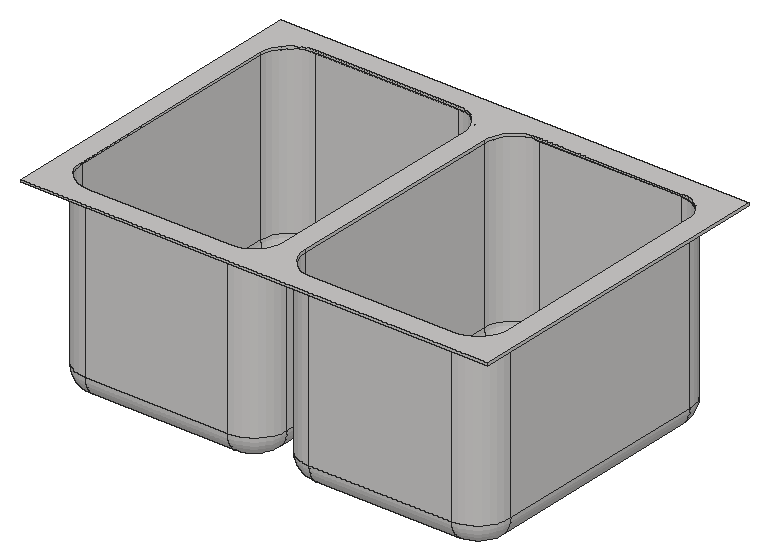
Revit family "QF_Vollrath_10102-1", category Specialty Equipment, Revit 2016
Family settings
  Part Type = Normal
  Round Connector Dimension = Use Diameter
  OmniClass Number = 23.40.40.14.31
  OmniClass Title = Cleaning and Disposal Equipment
  Work Plane-Based = Yes
  Always vertical = Yes
  Cut with Voids When Loaded = No
  Shared = No
  Room Calculation Point = No
Parameters
  Width = 1' - 11"
  Weight in Pounds = 0
  Watermarked By = "http://revitwatermark.com"
  URL Cutsheet = ""
  Status [instance] = ""
  Specification by User [instance] = ""
  Specification by Manufacturer [instance] = ""
  Sink Width = 1' - 9"
  Sink Depth = 1' - 2"
  Sink Basin Depth = 0' - 9 1/4"
  Serial Number [instance] = ""
  Seismic Rating [instance] = ""
  SMACNA No [instance] = ""
  Revision Code [instance] = ""
  NAFEM Spec ID Number [instance] = ""
  Model = "10102-1"
  Masterspec [instance] = ""
  Manufacturer = "Vollrath"
  Item Number [instance] = "-"
  Installed By [instance] = ""
  Indirect Waste Size = 2"
  Indirect Waste Flow [instance] = 0.00 GPM
  Indirect Waste Connection Type [instance] = ""
  Indirect Waste Connection Height [instance] = 0' - 0"
  Furnished By [instance] = ""
  Foodservice Equipment Identifier [instance] = yes
  Description = "Undermount Sink"  # constant formula
  Depth = 1' - 4"
  Default Elevation = 4' - 0"
  CSI MasterFormat = ""
  Assembly Code = ""
Reference planes (in)
  plane 1 "BACK": y = 0
  plane 2 "BOTTOM": z = 0
  plane 3 "LEFT": x = 0
  plane 4 "RIGHT": x = 23
  plane 5 "FRONT": y = -16
  plane 6: x = 11.5
  plane 7: y = -8
  plane 8: y = -1
  plane 9: y = -15
  plane 10: x = 1
  plane 11: x = 22
  plane 12 "TOP": z = 8
  plane 13 "Sink Bottom": z = -9.25
  plane 14 "Bottom of Skirt": z = -1.5625
  plane 15 "LIP1": z = -0.125
  plane 16: x = 11
  plane 17: x = 12
  plane 18: x = 6
  plane 19: x = 17
  plane 20: y = -5.6875
Forms (in)
  Extrusion 1, solid, material "QF_Finishes_Stainless Steel"
    sketch origin (0, 0, 0) x (1, 0, 0) y (0, 1, 0)
      loop
        line (0, -16) -> (23, -16) -> (23, 0) -> (0, 0) -> (0, -16)
      loop
        arc (2.5, -1) -> (1.43934, -1.43934) -> (1, -2.5) r 1.5
        line (1, -2.5) -> (1, -13.5)
        arc (1, -13.5) -> (1.43934, -14.56066) -> (2.5, -15) r 1.5
        line (2.5, -15) -> (9.5, -15)
        arc (9.5, -15) -> (10.56066, -14.56066) -> (11, -13.5) r 1.5
        line (11, -13.5) -> (11, -2.5)
        arc (11, -2.5) -> (10.56066, -1.43934) -> (9.5, -1) r 1.5
        line (9.5, -1) -> (2.5, -1)
      loop
        arc (13.5, -1) -> (12.43934, -1.43934) -> (12, -2.5) r 1.5
        line (12, -2.5) -> (12, -13.5)
        arc (12, -13.5) -> (12.43934, -14.56066) -> (13.5, -15) r 1.5
        line (13.5, -15) -> (20.5, -15)
        arc (20.5, -15) -> (21.56066, -14.56066) -> (22, -13.5) r 1.5
        line (22, -13.5) -> (22, -2.5)
        arc (22, -2.5) -> (21.56066, -1.43934) -> (20.5, -1) r 1.5
        line (20.5, -1) -> (13.5, -1)
    from 0 to 0.125
  Sweep 2, solid, material "QF_Finishes_Stainless Steel"
    path in 3D
      loop
        arc (9.5, -1, 0.125) -> (10.56066, -1.43934, 0.125) -> (11, -2.5, 0.125) r 1.5
        line (11, -2.5, 0.125) -> (11, -13.5, 0.125)
        arc (11, -13.5, 0.125) -> (10.56066, -14.56066, 0.125) -> (9.5, -15, 0.125) r 1.5
        line (9.5, -15, 0.125) -> (2.5, -15, 0.125)
        arc (2.5, -15, 0.125) -> (1.43934, -14.56066, 0.125) -> (1, -13.5, 0.125) r 1.5
        line (1, -13.5, 0.125) -> (1, -2.5, 0.125)
        arc (1, -2.5, 0.125) -> (1.43934, -1.43934, 0.125) -> (2.5, -1, 0.125) r 1.5
        line (2.5, -1, 0.125) -> (9.5, -1, 0.125)
    profile origin (6, -1, 0.125) x (0, 1, 0) y (0, 0, 1)
      loop
        line (0.125, -0.125) -> (0, -0.125) -> (0, -8.25)
        arc (0, -8.25) -> (-0.29289, -8.95711) -> (-1, -9.25) r 1
        line (-1, -9.25) -> (-1, -9.375)
        arc (-1, -9.375) -> (-0.2045, -9.0455) -> (0.125, -8.25) r 1.125
        line (0.125, -8.25) -> (0.125, -0.125)
  Sweep 3, solid, material "QF_Finishes_Stainless Steel"
    path in 3D
      loop
        arc (20.5, -1, 0.125) -> (21.56066, -1.43934, 0.125) -> (22, -2.5, 0.125) r 1.5
        line (22, -2.5, 0.125) -> (22, -13.5, 0.125)
        arc (22, -13.5, 0.125) -> (21.56066, -14.56066, 0.125) -> (20.5, -15, 0.125) r 1.5
        line (20.5, -15, 0.125) -> (13.5, -15, 0.125)
        arc (13.5, -15, 0.125) -> (12.43934, -14.56066, 0.125) -> (12, -13.5, 0.125) r 1.5
        line (12, -13.5, 0.125) -> (12, -2.5, 0.125)
        arc (12, -2.5, 0.125) -> (12.43934, -1.43934, 0.125) -> (13.5, -1, 0.125) r 1.5
        line (13.5, -1, 0.125) -> (20.5, -1, 0.125)
    profile origin (17, -1, 0.125) x (0, 1, 0) y (0, 0, 1)
      loop
        line (0.125, -0.125) -> (0, -0.125) -> (0, -8.25)
        arc (0, -8.25) -> (-0.29289, -8.95711) -> (-1, -9.25) r 1
        line (-1, -9.25) -> (-1, -9.375)
        arc (-1, -9.375) -> (-0.2045, -9.0455) -> (0.125, -8.25) r 1.125
        line (0.125, -8.25) -> (0.125, -0.125)
  Extrusion 4, solid, material "QF_Finishes_Stainless Steel"
    sketch origin (0, 0, -9.25) x (-1, 0, 0) y (0, -1, 0)
      loop
        line (-9.5, 2) -> (-2.5, 2)
        arc (-2.5, 2) -> (-2.14645, 2.14645) -> (-2, 2.5) r 0.5
        line (-2, 2.5) -> (-2, 13.5)
        arc (-2, 13.5) -> (-2.14645, 13.85355) -> (-2.5, 14) r 0.5
        line (-2.5, 14) -> (-9.5, 14)
        arc (-9.5, 14) -> (-9.85355, 13.85355) -> (-10, 13.5) r 0.5
        line (-10, 13.5) -> (-10, 2.5)
        arc (-10, 2.5) -> (-9.85355, 2.14645) -> (-9.5, 2) r 0.5
      loop
        line (-13, 2.5) -> (-13, 13.5)
        arc (-13, 13.5) -> (-13.14645, 13.85355) -> (-13.5, 14) r 0.5
        line (-13.5, 14) -> (-20.5, 14)
        arc (-20.5, 14) -> (-20.85355, 13.85355) -> (-21, 13.5) r 0.5
        line (-21, 13.5) -> (-21, 2.5)
        arc (-21, 2.5) -> (-20.85355, 2.14645) -> (-20.5, 2) r 0.5
        line (-20.5, 2) -> (-13.5, 2)
        arc (-13.5, 2) -> (-13.14645, 2.14645) -> (-13, 2.5) r 0.5
      loop
        circle (-6, 5.6875) r 1.75
      loop
        circle (-17, 5.6875) r 1.75
    from 0 to 0.125
Lines and regions (in)
  sketch lines
    curve 1: line (2.5, -1, 0.125) -> (9.5, -1, 0.125)
    curve 2: arc (2.5, -1, 0.125) -> (1.43934, -1.43934, 0.125) -> (1, -2.5, 0.125) r 1.5
    curve 3: line (1, -13.5, 0.125) -> (1, -2.5, 0.125)
    curve 4: arc (1, -13.5, 0.125) -> (1.43934, -14.56066, 0.125) -> (2.5, -15, 0.125) r 1.5
    curve 5: line (9.5, -15, 0.125) -> (2.5, -15, 0.125)
    curve 6: arc (9.5, -15, 0.125) -> (10.56066, -14.56066, 0.125) -> (11, -13.5, 0.125) r 1.5
    curve 7: line (11, -2.5, 0.125) -> (11, -13.5, 0.125)
    curve 8: arc (11, -2.5, 0.125) -> (10.56066, -1.43934, 0.125) -> (9.5, -1, 0.125) r 1.5
    curve 9: line (13.5, -1, 0.125) -> (20.5, -1, 0.125)
    curve 10: arc (13.5, -1, 0.125) -> (12.43934, -1.43934, 0.125) -> (12, -2.5, 0.125) r 1.5
    curve 11: line (12, -13.5, 0.125) -> (12, -2.5, 0.125)
    curve 12: arc (12, -13.5, 0.125) -> (12.43934, -14.56066, 0.125) -> (13.5, -15, 0.125) r 1.5
    curve 13: line (20.5, -15, 0.125) -> (13.5, -15, 0.125)
    curve 14: arc (20.5, -15, 0.125) -> (21.56066, -14.56066, 0.125) -> (22, -13.5, 0.125) r 1.5
    curve 15: line (22, -2.5, 0.125) -> (22, -13.5, 0.125)
    curve 16: arc (22, -2.5, 0.125) -> (21.56066, -1.43934, 0.125) -> (20.5, -1, 0.125) r 1.5
  symbolic lines
    curve 17: line (0, 0, -9.25) -> (23, 0, -9.25)
    curve 18: line (0, -16, -9.25) -> (0, 0, -9.25)
    curve 19: line (23, -16, -9.25) -> (0, -16, -9.25)
    curve 20: line (23, 0, -9.25) -> (23, -16, -9.25)
  symbolic lines, style "QF_Surface Details"
    curve 21: circle (6, -5.6875, -9.25) r 1.75 normal (0, 0, -1)
    curve 22: circle (17, -5.6875, -9.25) r 1.75 normal (0, 0, -1)
    curve 23: line (9.5, -1, -9.25) -> (2.5, -1, -9.25)
    curve 24: arc (1, -2.5, -9.25) -> (1.43934, -1.43934, -9.25) -> (2.5, -1, -9.25) r 1.5
    curve 25: line (1, -2.5, -9.25) -> (1, -13.5, -9.25)
    curve 26: arc (2.5, -15, -9.25) -> (1.43934, -14.56066, -9.25) -> (1, -13.5, -9.25) r 1.5
    curve 27: line (2.5, -15, -9.25) -> (9.5, -15, -9.25)
    curve 28: arc (11, -13.5, -9.25) -> (10.56066, -14.56066, -9.25) -> (9.5, -15, -9.25) r 1.5
    curve 29: line (11, -13.5, -9.25) -> (11, -2.5, -9.25)
    curve 30: arc (9.5, -1, -9.25) -> (10.56066, -1.43934, -9.25) -> (11, -2.5, -9.25) r 1.5
    curve 31: line (20.5, -1, -9.25) -> (13.5, -1, -9.25)
    curve 32: arc (12, -2.5, -9.25) -> (12.43934, -1.43934, -9.25) -> (13.5, -1, -9.25) r 1.5
    curve 33: line (12, -2.5, -9.25) -> (12, -13.5, -9.25)
    curve 34: arc (13.5, -15, -9.25) -> (12.43934, -14.56066, -9.25) -> (12, -13.5, -9.25) r 1.5
    curve 35: line (13.5, -15, -9.25) -> (20.5, -15, -9.25)
    curve 36: arc (22, -13.5, -9.25) -> (21.56066, -14.56066, -9.25) -> (20.5, -15, -9.25) r 1.5
    curve 37: line (22, -13.5, -9.25) -> (22, -2.5, -9.25)
    curve 38: arc (20.5, -1, -9.25) -> (21.56066, -1.43934, -9.25) -> (22, -2.5, -9.25) r 1.5
Dimensions and locks (in)
  "Width": plane 3 "LEFT" to plane 4 "RIGHT"
  "Depth": plane 5 "FRONT" to plane 1 "BACK"
  "Sink Depth": plane 8 to plane 9
  equal spacing: plane 3 "LEFT", plane 6, plane 4 "RIGHT"
  equal spacing: plane 10, plane 6, plane 11
  "Sink Width": plane 10 to plane 11
  locked: plane 12 "TOP" to level at 8
  "Sink Basin Depth": level to plane 13 "Sink Bottom"
  level to plane 14 "Bottom of Skirt" = 0' - 1 9/16"
  equal spacing: plane 8, plane 7, plane 9
  plane 1 "BACK" to plane 8 = 0' - 1"
  plane 9 to plane 5 "FRONT" = 0' - 1"
  locked: plane 3 "LEFT" to plane 10 at 1
  plane 11 to plane 4 "RIGHT" = 0' - 1"
  plane 16 to plane 17 = 0' - 1"
  plane 8 to plane 20 = 0' - 4 11/16"
  equal spacing: plane 17, plane 19, plane 11
  equal spacing: plane 10, plane 18, plane 16
  aligned and locked: level to plane 2 "BOTTOM"
  aligned and locked: plane 5 "FRONT" to Extrusion 1 sketch curve
  aligned and locked: plane 4 "RIGHT" to Extrusion 1 sketch curve
  aligned and locked: Extrusion 1 sketch curve to plane 1 "BACK"
  aligned and locked: Extrusion 1 sketch curve to plane 8  (x2)
  aligned and locked: plane 10 to Extrusion 1 sketch curve
  aligned and locked: plane 9 to Extrusion 1 sketch curve  (x2)
  aligned and locked: Extrusion 1 sketch curve to plane 16
  aligned and locked: plane 17 to Extrusion 1 sketch curve
  aligned and locked: Extrusion 1 sketch curve to plane 11
  aligned and locked: Extrusion 4 sketch curve to Sweep 2  (x4)
  aligned and locked: Extrusion 4 sketch curve to Sweep 3  (x4)
  aligned: plane 15 "LIP1" to Extrusion 1
Automatic sketch dimensions
  Extrusion 1 sketch curve to plane 3 "LEFT" = 0' - 0"
  Extrusion 1 sketch curve to plane 16 = 0' - 0"
  plane 10 to Extrusion 1 sketch curve = 0' - 1 1/2"  (x2)
  plane 9 to Extrusion 1 sketch curve = 0' - 1 1/2"  (x2)
  Extrusion 1 sketch curve to plane 8 = 0' - 1 1/2"
  plane 17 to Extrusion 1 sketch curve = 0' - 1 1/2"  (x2)
  Extrusion 1 sketch curve to plane 11 = 0' - 1 1/2"
  Sweep 2 sketch curve to Sweep 2 sketch curve = 0' - 0"
  Sweep 2 sketch curve to profile plane = 0' - 0"
  profile plane to Sweep 2 sketch curve = 0' - 1"
  Sweep 2 sketch curve to profile plane = 0' - 0 1/8"  (x2)
  Sweep 2 sketch curve to profile plane = 0' - 9 3/8"
  Sweep 3 sketch curve to Sweep 3 sketch curve = 0' - 0"
  Sweep 3 sketch curve to profile plane = 0' - 0"
  profile plane to Sweep 3 sketch curve = 0' - 1"
  Sweep 3 sketch curve to Sweep 3 sketch curve = 0' - 0 1/8"
  Sweep 3 sketch curve to profile plane = 0' - 9 3/8"
  Sweep 3 sketch curve to profile plane = 0' - 0 1/8"
  Extrusion 4 sketch curve to plane 19 = 0' - 0"
  Extrusion 4 sketch curve to plane 18 = 0' - 0"
  Extrusion 4 sketch curve to plane 20 = 0' - 0"  (x2)
  Extrusion 4 sketch curve to Extrusion 4 sketch curve = 0' - 0 1/2"  (x8)
  plane 1 "BACK" to curve 17 = 0' - 0"
  curve 17 to plane 4 "RIGHT" = 0' - 0"
  curve 22 to plane 19 = 0' - 0"
  curve 21 to plane 18 = 0' - 0"
  curve 18 to plane 3 "LEFT" = 0' - 0"
  curve 21 to plane 20 = 0' - 0"
  curve 22 to plane 20 = 0' - 0"
  plane 5 "FRONT" to curve 20 = 0' - 0"
  curve 23 to plane 8 = 0' - 0"
  curve 24 to plane 10 = 0' - 0"
  plane 10 to curve 24 = 0' - 1 1/2"
  plane 9 to curve 25 = 0' - 1 1/2"
  curve 26 to plane 9 = 0' - 0"
  curve 27 to plane 16 = 0' - 1 1/2"
  curve 28 to plane 16 = 0' - 0"
  curve 29 to plane 8 = 0' - 1 1/2"
  curve 31 to plane 8 = 0' - 0"
  curve 32 to plane 17 = 0' - 0"
  plane 17 to curve 32 = 0' - 1 1/2"
  curve 29 to curve 33 = 0' - 0"
  curve 34 to plane 9 = 0' - 0"
  curve 35 to plane 11 = 0' - 1 1/2"
  curve 36 to plane 11 = 0' - 0"
  curve 37 to plane 8 = 0' - 1 1/2"
  radius of Extrusion 4 sketch curve = 0' - 1 3/4"  (x2)
  radius of curve 21 = 0' - 1 3/4"
  radius of curve 22 = 0' - 1 3/4"
Connectors (in)
  piping at (6, -5.6875, -9.25), diameter 2, driven by "Indirect Waste Flow"
    settings: on Extrusion 4, index 1, connector inside diameter 2", connector length 0' - 0", flow factor 0, pipe flow 0.00 GPM, pressure drop 0.00 psi, fitting loss kfactor 0, connector angle 0.00°, fixture units 0, engagement length 0' - 0", angle of deflection 0.00°, flow configuration 1, flow direction 2, fitting loss method 0, system type 16, joint type 0, gender type 0, connector reference index -1, connector utility 0, adjustable connector no, is connector primary yes, connector description "IW"
  piping at (17, -5.6875, -9.25), diameter 2, driven by "Indirect Waste Flow"
    settings: on Extrusion 4, index 2, connector inside diameter 2", connector length 0' - 0", flow factor 0, pipe flow 0.00 GPM, pressure drop 0.00 psi, fitting loss kfactor 0, connector angle 0.00°, fixture units 0, engagement length 0' - 0", angle of deflection 0.00°, flow configuration 1, flow direction 2, fitting loss method 0, system type 16, joint type 0, gender type 0, connector reference index -1, connector utility 0, adjustable connector no, is connector primary no, connector description "IW"
